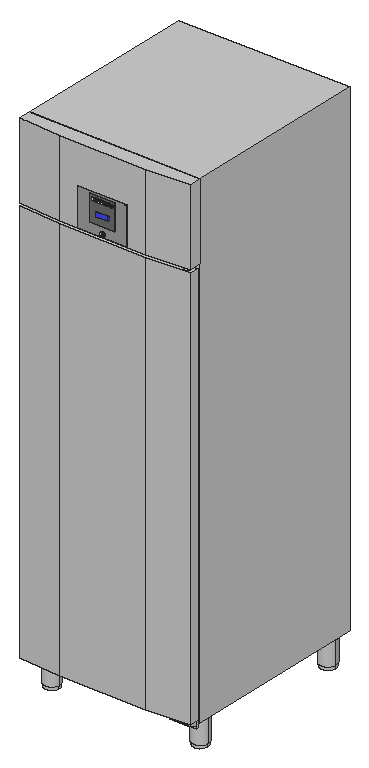
Revit family "QF_LIEBHERR_BKPv 6570.191129010633", category Specialty Equipment, Revit 2016
Family settings
  Part Type = Normal
  Round Connector Dimension = Use Diameter
  OmniClass Number = 23.40.40.14
  OmniClass Title = Food Service Equipment
  Work Plane-Based = No
  Always vertical = Yes
  Cut with Voids When Loaded = No
  Shared = No
  Room Calculation Point = No
Parameters (values of type "BKPv 6570_230V/1Ph/50Hz")
  URL catalogue = ""
  URL = "home.liebherr.com"
  Type de Raccord Electrique [instance] = ""
  Type article [instance] = ""
  Tension = 230 V
  Status [instance] = ""
  Spécification technique = ""
  Spécification du Fabricant [instance] = ""
  Spécification de l'Utilisateur [instance] = ""
  SMACNA No spécifique pour les matériaux  Etats Unis = ""
  Quantité par lot [instance] = no
  Puissance électrique  = 250 W
  Puissance en CV = ""
  Puissance Apparente = 250 VA
  Protection de l'Appareil = 0 A
  Profondeur hors tout = 830 mm
  Poids net à vide = 132.00 kg
  Phase = 1
  Numéro de Série = ""
  Nombres de Pôles = 2
  Nombre d'identification NAFEM = ""
  Model = "BKPv 6570"
  Manufacturer = "LIEBHERR"
  Longueur hors tout = 700 mm
  Intensité nominale courant electrique = 2 A
  Installé Par [instance] = ""
  Identifiant Equipement [instance] = no
  Hauteur hors tout = 2120 mm
  Hauteur de Raccordement du Sol Finis [instance] = 1700 mm
  Hauteur de Raccordement du Sol Brut [instance] = 0 mm
  Fréquence = 50 Hz
  Fournis Par [instance] = ""
  Description = "BAKERY FRIDGE BKPV 6570, -5/+15°C, S/STEEL EXTERIOR & INTERIOR, 365 L NET"
  Câble de connexion à l'appareil inclus = no
  Cost = 0
  Consommation d'énergie minimale = 0 A
  Connexion prise électrique  = ""
  Code de Révision [instance] = ""
  Classification dans le projet = ""
  Classement sismique = ""
  Accessoires = no
Reference planes
  plane 1 "Centre (avant/arrière)": y = 0
  plane 2: z = 0
  plane 3 "Centre (gauche/droite)": x = 0
Forms (mm)
  Extrusion 1, solid, not visible
    sketch origin (649, -2, 1819) x (1, 0, 0) y (0, 1, 0)
      loop
        line (0, 0) -> (2, 0) -> (2, 2) -> (0, 2) -> (0, 0)
    from 0 to 2
Dimensions and locks
  aligned and locked: level to plane 2
Nested families
  nested 1: "QF_LIEBHERR_BKPv 6570_230V_1Ph_50Hz" at (0, 0, 120), type "BKPv 6570_230V/1Ph/50Hz"
    with Show Logo yes, Show Clearance yes
  nested 2: "QF_LIEBHERR_BGPV6570_DOOR_RX" at (0, 0, 120), type "BGPV6570_DOOR_RX"
    with Show Logo yes, Show Clearance yes
  nested 3: "QF_LIEBHERR_BGPV6570_LEGS" at (0, 0, 0), type "BGPV6570_LEGS"
    with Show Logo yes, Show Clearance yes
Connectors
  electrical at (650, 0, 1820), driven by "Puissance Apparente", driven by "Nombres de Pôles", driven by "Tension"
    settings: on Extrusion 1, index 1, voltage 230 V, apparent load 0 VA, apparent load phase1 250 VA, apparent load phase2 0 VA, apparent load phase3 0 VA, power factor 1, load classification "Other", number of poles 2, system type 31, power factor state 1, is connector primary yes, connector utility no, sub classification motor no, connector description "Electric connection for 'BKPV 6570'"
Definition of nested family "QF_LIEBHERR_BKPv 6570_230V_1Ph_50Hz"
  Parameters (values of type "BKPv 6570_230V/1Ph/50Hz")
    URL = "home.liebherr.com"
    Show Logo [instance] = yes
    Show Clearance [instance] = yes
    Model = "BKPv 6570"
    Manufacturer = "LIEBHERR"
    Description = "BAKERY FRIDGE BKPV 6570, -5/+15°C, S/STEEL EXTERIOR & INTERIOR, 365 L NET"
    Assembly Code = "E1090320"
  Types (6, lengths in mm): name | Model | Description
    BGPv 6570 | "BGPv 6570" | "BAKERY FREEZER BGPV 6570, -10/-30°C, S/STEEL EXTERIOR & INTERIOR, 365 L NET"
    BKPv 6570_230V/1Ph/50Hz | "BKPv 6570" | "BAKERY FRIDGE BKPV 6570, -5/+15°C, S/STEEL EXTERIOR & INTERIOR, 365 L NET"
    GGPv 6570 | "GGPv 6570" | "GN FRIDGE GKPV 6570, -2/+15°C, S/STEEL EXTERIOR & INTERIOR, 465 L NET"
    GGPv 6590 | "GGPv 6590" | "GN FRIDGE GKPV 6590, -2/+15°C, S/STEEL EXTERIOR & INTERIOR, 465 L NET"
    GKPv 6570 | "GKPv 6570" | "GN FREEZER GGPV 6570, -10/-30°C, S/STEEL EXTERIOR & INTERIOR, 465 L NET"
    GKPv 6590 | "GKPv 6590" | "GN FREEZER GGPV 6590, -10/-30°C, S/STEEL EXTERIOR & INTERIOR, 465 L NET"
  Reference planes
    plane 1 "Back": y = 0
    plane 2: z = 0
    plane 3 "Left": x = 0
    plane 4 "Right": x = 700
    plane 5 "Front": y = -830
    plane 6 "Top": z = 2000
  Forms (mm)
    Extrusion 1, solid
      sketch origin (0, 0, -113) x (1, 0, 0) y (0, 1, 0)
        loop
          line (0, -767) -> (0, -816.625) -> (171.985, -830) -> (527.99, -830) -> (700, -816.625) -> (700, -767) -> (0, -767)
      from 1801 to 2113
    Extrusion 2, solid
      sketch origin (0, 0, -113) x (0, 1, 0) y (0, 0, 1)
        loop
          line (-767, 2113) -> (-767, 113) -> (0, 113) -> (0, 2113) -> (-767, 2113)
      from 0 to 700
    Extrusion 3, solid
      sketch origin (0, -829, -113) x (1, 0, 0) y (0, 0, 1)
        loop
          line (249.988, 1957) -> (249.988, 1801) -> (449.988, 1801) -> (449.988, 1957) -> (249.988, 1957)
      from 0 to 2
    Extrusion 4, solid
      sketch origin (0, -830, -113) x (1, 0, 0) y (0, 0, 1)
        loop
          line (297.988, 1947) -> (297.988, 1841) -> (401.988, 1841) -> (401.988, 1947) -> (297.988, 1947)
      from 0 to 2
    Extrusion 5, solid
      sketch origin (0, -831, -113) x (1, 0, 0) y (0, 0, 1)
        loop
          line (374.988, 1890) -> (324.988, 1890) -> (324.988, 1871) -> (374.988, 1871) -> (374.988, 1890)
      from 0 to 2
    Extrusion 6, solid, visible <- "Show Logo"
      sketch origin (0, -831, -113) x (1, 0, 0) y (0, 0, 1)
        loop
          line (309.542, 1937.598) -> (309.542, 1926.598) -> (317.534, 1926.598) -> (317.534, 1929.598) -> (314.534, 1929.598) -> (314.534, 1937.598) -> (309.542, 1937.598)
        loop
          line (318.542, 1937.598) -> (318.542, 1926.598) -> (323.534, 1926.598) -> (323.534, 1937.598) -> (318.542, 1937.598)
        loop
          line (325.425, 1937.598) -> (325.425, 1926.598) -> (332.444, 1926.598) -> (332.444, 1929.098) -> (330.418, 1929.098) -> (330.418, 1931.098) -> (332.444, 1931.098) -> (332.444, 1933.098) -> (330.418, 1933.098) -> (330.418, 1935.098) -> (332.444, 1935.098) -> (332.444, 1937.598) -> (325.425, 1937.598)
        loop
          line (334.425, 1937.598) -> (334.425, 1926.598) -> (341.444, 1926.598)
          arc (341.444, 1926.598) -> (344.324, 1928.719) -> (343.152, 1932.098) r 3.015
          arc (343.152, 1932.098) -> (344.324, 1935.477) -> (341.444, 1937.598) r 3.015
          line (341.444, 1937.598) -> (334.425, 1937.598)
        loop
          line (340.389, 1935.098) -> (339.418, 1935.098) -> (339.418, 1933.098) -> (340.389, 1933.098)
          arc (340.389, 1933.098) -> (341.389, 1934.098) -> (340.389, 1935.098) r 1
        loop
          arc (340.456, 1929.098) -> (341.456, 1930.098) -> (340.456, 1931.098) r 1
          line (340.456, 1931.098) -> (339.418, 1931.098) -> (339.418, 1929.098) -> (340.456, 1929.098)
        loop
          line (346.398, 1937.598) -> (346.398, 1926.598) -> (351.391, 1926.598) -> (351.391, 1931.098) -> (353.417, 1931.098) -> (353.417, 1926.598) -> (358.41, 1926.598) -> (358.41, 1937.598) -> (353.417, 1937.598) -> (353.417, 1933.098) -> (351.391, 1933.098) -> (351.391, 1937.598) -> (346.398, 1937.598)
        loop
          line (359.811, 1937.598) -> (359.811, 1926.598) -> (366.83, 1926.598) -> (366.83, 1929.098) -> (364.803, 1929.098) -> (364.803, 1931.098) -> (366.83, 1931.098) -> (366.83, 1933.098) -> (364.803, 1933.098) -> (364.803, 1935.098) -> (366.83, 1935.098) -> (366.83, 1937.598) -> (359.811, 1937.598)
        loop
          line (368.822, 1937.598) -> (368.822, 1926.598) -> (373.814, 1926.598) -> (373.814, 1929.098) -> (374.887, 1926.598) -> (379.88, 1926.598) -> (378.318, 1930.237)
          arc (378.318, 1930.237) -> (379.724, 1934.807) -> (375.841, 1937.598) r 4.097
          line (375.841, 1937.598) -> (368.822, 1937.598)
        loop
          line (374.786, 1935.098) -> (373.814, 1935.098) -> (373.814, 1932.141) -> (374.786, 1932.141)
          arc (374.786, 1932.141) -> (376.264, 1933.619) -> (374.786, 1935.098) r 1.479
        loop
          line (381.56, 1937.598) -> (381.56, 1926.598) -> (386.553, 1926.598) -> (386.553, 1929.098) -> (387.626, 1926.598) -> (392.618, 1926.598) -> (391.057, 1930.237)
          arc (391.057, 1930.237) -> (392.463, 1934.807) -> (388.58, 1937.598) r 4.097
          line (388.58, 1937.598) -> (381.56, 1937.598)
        loop
          line (387.524, 1935.098) -> (386.553, 1935.098) -> (386.553, 1932.141) -> (387.524, 1932.141)
          arc (387.524, 1932.141) -> (389.003, 1933.619) -> (387.524, 1935.098) r 1.479
      from 0 to 2
    Extrusion 7, solid
      sketch origin (0, 0, -120) x (1, 0, 0) y (0, 0, 1)
        loop
          circle (650, 1700) r 5
      from 0 to -5
    Extrusion 8, solid
      sketch origin (1321.538, -831.588, 926.938) x (-1, 0, 0) y (0, 0, 1)
        loop
          circle (971.55, 773.43) r 9.525
      from 0 to 1.588
    Extrusion 9, solid
      sketch origin (1321.538, -831.588, 926.938) x (-1, 0, 0) y (0, 0, 1)
        loop
          circle (971.55, 773.43) r 7.53
        loop
          line (972.187, 776.799) -> (970.913, 776.799) -> (970.913, 770.061) -> (972.187, 770.061) -> (972.187, 776.799)
      from 0 to -2.342
  Lines and regions (mm)
    symbolic lines
      curve 1: line (0, 0, 0) -> (700, 0, 0)
      curve 2: line (700, 0, 0) -> (700, -816.625, 0)
      curve 3: line (700, -816.625, 0) -> (527.99, -830, 0)
      curve 4: line (527.99, -830, 0) -> (171.985, -830, 0)
      curve 5: line (171.985, -830, 0) -> (0, -816.625, 0)
      curve 6: line (0, -816.625, 0) -> (0, 0, 0)
      curve 7: line (0, -767, 0) -> (700, -767, 0)
  Dimensions and locks
    plane 3 "Left" to plane 4 "Right" = 700 mm
    plane 5 "Front" to plane 1 "Back" = 830 mm
    plane 6 "Top" to level = 2000 mm
    aligned and locked: level to plane 2
  Connectors
    electrical at (650, 0, 1580)
      settings: on Extrusion 7, index 1, voltage 0 V, apparent load 0 VA, apparent load phase1 0 VA, apparent load phase2 0 VA, apparent load phase3 0 VA, power factor 1, load classification none, number of poles 1, system type 31, power factor state 1, is connector primary yes, connector utility no, sub classification motor no, connector description "Electrical connection"
Definition of nested family "QF_LIEBHERR_BGPV6570_DOOR_RX"
  Parameters (values of type "BGPV6570_DOOR_RX")
    URL catalogue [instance] = ""
    URL = "home.liebherr.com"
    Status [instance] = ""
    Spécification technique [instance] = ""
    Spécification du Fabricant [instance] = ""
    Spécification de l'Utilisateur [instance] = ""
    Show Logo [instance] = yes
    Show Clearance [instance] = yes
    SMACNA No spécifique pour les matériaux  Etats Unis [instance] = ""
    Quantité par lot [instance] = no
    Profondeur hors tout [instance] = 63 mm
    Poids net à vide [instance] = 0.00 kg
    Numéro de Série [instance] = ""
    Nombre d'identification NAFEM [instance] = ""
    Model = "BGPV6570_DOOR_RX"
    Manufacturer = "LIEBHERR"
    Longueur hors tout [instance] = 700 mm
    Installé Par [instance] = ""
    Identifiant Equipement [instance] = no
    Hauteur hors tout [instance] = 1662 mm
    Fournis Par [instance] = ""
    Description = "DOOR WITH RIGHT OPENING"
    Cost = 0
    Code de Révision [instance] = ""
    Classification dans le projet [instance] = ""
    Classement sismique [instance] = ""
    Assembly Code = "E1090320"
    Accessoires [instance] = yes
  Reference planes
    plane 1 "Back": y = 0
    plane 2: z = 0
    plane 3 "Left": x = 0
    plane 4 "Right": x = 700
    plane 5 "Front": y = -830
    plane 6 "Top": z = 1688
  Forms (mm)
    Extrusion 1, solid
      sketch origin (0, 0, -437) x (1, 0, 0) y (0, 1, 0)
        loop
          line (0, -781) -> (0, -816.625) -> (171.985, -830) -> (527.99, -830) -> (700, -816.625) -> (700, -781) -> (0, -781)
      from 451 to 2113
    Extrusion 2, solid
      sketch origin (-29.99, -92.898, 104.715) x (0, 1, 0) y (0, 0, 1)
        loop
          line (-688.102, 1556.285) -> (-688.102, -75.715) -> (-674.102, -75.715) -> (-674.102, 1556.285) -> (-688.102, 1556.285)
      from 44.99 to 714.99
    Extrusion 3, solid
      sketch origin (-56.014, -92.898, -32.168) x (0, 1, 0) y (0, 0, 1)
        loop
          line (-680.221, 13.941) -> (-680.221, 39.157) -> (-723.896, 39.157) -> (-680.221, 13.941)
      from 672.942 to 677.942
    Extrusion 4, solid
      sketch origin (-34.086, -89.604, -32.168) x (1, 0, 0) y (0, 1, 0)
        loop
          circle (709.086, -713.896) r 10
      from 42.671 to 46.168
    Extrusion 5, solid
      sketch origin (-34.086, -89.604, 1633.329) x (1, 0, 0) y (0, 1, 0)
        loop
          circle (709.086, -713.896) r 10
      from 42.671 to 54.671
    Extrusion 6, solid
      sketch origin (693.986, -92.898, -32.168) x (0, 1, 0) y (0, 0, -1)
        loop
          line (-674.102, -7.53) -> (-680.221, -7.53) -> (-680.221, -39.157) -> (-723.896, -39.157) -> (-723.896, -42.671) -> (-674.102, -42.671) -> (-674.102, -7.53)
      from 4.769 to 77.058
    Extrusion 7, solid
      sketch origin (1362.159, -92.898, -32.168) x (0, 1, 0) y (0, 0, -1)
        loop
          line (-680.221, -13.941) -> (-723.896, -39.157) -> (-680.221, -39.157) -> (-680.221, -13.941)
      from 672.942 to 677.942
    Extrusion 8, solid
      sketch origin (1328.514, -92.898, -32.168) x (0, 1, 0) y (0, 0, -1)
        loop
          line (-680.221, -13.941) -> (-723.896, -39.157) -> (-680.221, -39.157) -> (-680.221, -13.941)
      from 672.942 to 677.942
    Extrusion 9, solid, visible <- "Show Clearance", detail levels coarse
      sketch origin (0, 0, 0) x (1, 0, 0) y (0, 1, 0)
        loop
          arc (0, -830) -> (194.431, -1283.965) -> (640, -1496.933) r 700.694
          line (640, -1496.933) -> (700, -1496.933) -> (700, -830) -> (0, -830)
      from 14 to 1676
  Lines and regions (mm)
    symbolic lines, visible <- "Show Clearance"
      curve 1: arc (-0.469, -816.588, 0) -> (189.808, -1279.101, 0) -> (640, -1496.933, 0) r 700.694
      curve 2: line (700, -1496.933, 0) -> (700, -816.625, 0)
      curve 3: line (640, -1496.933, 0) -> (640, -821.29, 0)
      curve 4: line (640, -1496.933, 0) -> (700, -1496.933, 0)
  Dimensions and locks
    plane 3 "Left" to plane 4 "Right" = 700 mm
    plane 5 "Front" to plane 1 "Back" = 830 mm
    plane 6 "Top" to level = 1688 mm
    aligned and locked: level to plane 2
Definition of nested family "QF_LIEBHERR_BGPV6570_LEGS"
  Parameters (values of type "BGPV6570_LEGS")
    URL catalogue [instance] = ""
    URL = "home.liebherr.com"
    Status [instance] = ""
    Spécification technique [instance] = ""
    Spécification du Fabricant [instance] = ""
    Spécification de l'Utilisateur [instance] = ""
    Show Logo [instance] = yes
    Show Clearance [instance] = yes
    SMACNA No spécifique pour les matériaux  Etats Unis [instance] = ""
    Quantité par lot [instance] = no
    Profondeur hors tout [instance] = 830 mm
    Poids net à vide [instance] = 0.00 kg
    Numéro de Série [instance] = ""
    Nombre d'identification NAFEM [instance] = ""
    Model = "BGPV6570_LEGS"
    Manufacturer = "LIEBHERR"
    Longueur hors tout [instance] = 700 mm
    Installé Par [instance] = ""
    Identifiant Equipement [instance] = no
    Hauteur hors tout [instance] = 120 mm
    Fournis Par [instance] = ""
    Description = "STANDARD LEGS"
    Cost = 0
    Code de Révision [instance] = ""
    Classification dans le projet [instance] = ""
    Classement sismique [instance] = ""
    Assembly Code = "E1090320"
    Accessoires [instance] = yes
  Reference planes
    plane 1 "Back": y = 0
    plane 2: z = 0
    plane 3 "Left": x = 0
    plane 4 "Right": x = 700
    plane 5 "Front": y = -830
    plane 6 "Top": z = 120
  Forms (mm)
    Revolve 1, solid
      sketch origin (0, -54.25, 0) x (1, 0, 0) y (0, 0, 1)
        loop
          line (45, 0) -> (75, 0) -> (75, 14) -> (78.027, 14) -> (78.027, 113) -> (84.75, 113) -> (84.75, 120) -> (45, 120) -> (45, 0)
        axis (45, 120) -> (45, 0)
      angle from 0 to 360
    Revolve 2, solid
      sketch origin (610, -54.25, 0) x (1, 0, 0) y (0, 0, 1)
        loop
          line (45, 0) -> (75, 0) -> (75, 14) -> (78.027, 14) -> (78.027, 113) -> (84.75, 113) -> (84.75, 120) -> (45, 120) -> (45, 0)
        axis (45, 120) -> (45, 0)
      angle from 0 to 360
    Revolve 3, solid
      sketch origin (0, -709.05, 0) x (1, 0, 0) y (0, 0, 1)
        loop
          line (45, 0) -> (75, 0) -> (75, 14) -> (78.027, 14) -> (78.027, 113) -> (84.75, 113) -> (84.75, 120) -> (45, 120) -> (45, 0)
        axis (45, 120) -> (45, 0)
      angle from 0 to 360
    Revolve 4, solid
      sketch origin (610, -709.05, 0) x (1, 0, 0) y (0, 0, 1)
        loop
          line (45, 0) -> (75, 0) -> (75, 14) -> (78.027, 14) -> (78.027, 113) -> (84.75, 113) -> (84.75, 120) -> (45, 120) -> (45, 0)
        axis (45, 120) -> (45, 0)
      angle from 0 to 360
  Dimensions and locks
    plane 3 "Left" to plane 4 "Right" = 700 mm
    plane 5 "Front" to plane 1 "Back" = 830 mm
    plane 6 "Top" to level = 120 mm  (x2)
    aligned and locked: level to plane 2
